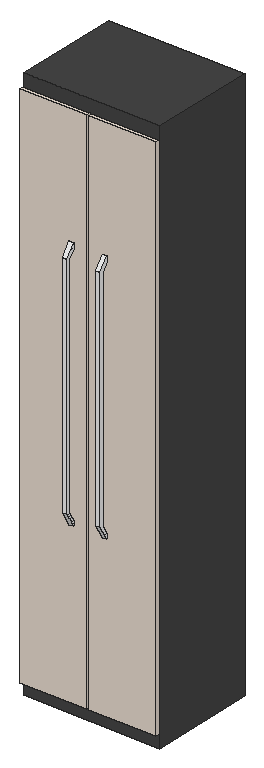
Revit family
Parameters (values of type "59A_현관_신발장")
  현관-신발장 = 몸통
  폭 [instance] = 575 mm
  신발장-손잡이 = 신발장-손잡이
  문짝 [instance] = 문짝
  높이 [instance] = 2400 mm
  깊이 [instance] = 450 mm
  Assembly Code = ""
Reference planes
  plane 1 "Center (Front/Back)": y = 0
  plane 2: z = 0
  plane 3 "Center (Left/Right)": x = 0
  plane 4 "left": x = -287.5
  plane 5 "right": x = 287.5
  plane 6 "front": y = -225
  plane 7 "back": y = 225
  plane 8 "top": z = 2400
Forms (mm)
  Extrusion 1, solid, material "몸통" <- "현관-신발장"
    sketch origin (0, 0, 0) x (1, 0, 0) y (0, 1, 0)
      loop
        line (-287.5, 225) -> (-287.5, -225) -> (287.5, -225) -> (287.5, 225) -> (-287.5, 225)
    from 0 to 2360
  Extrusion 2, solid, material "문짝" <- "문짝"
    sketch origin (0, -225, 0) x (-1, 0, 0) y (0, 0, 1)
      loop
        line (287.5, 2305.132) -> (5, 2305.132) -> (5, 55.132) -> (287.5, 55.132) -> (287.5, 2305.132)
      loop
        line (-287.5, 2305.132) -> (-287.5, 55.132) -> (-5, 55.132) -> (-5, 2305.132) -> (-287.5, 2305.132)
    from -17.805 to 0
  Extrusion 3, solid, material "신발장-손잡이" <- "신발장-손잡이"
    sketch origin (0, 0, 0) x (0, 1, 0) y (0, 0, 1)
      loop
        line (-242.805, 1780) -> (-242.805, 1803.102) -> (-277.805, 1753.117) -> (-277.805, 788.117) -> (-242.805, 727.495) -> (-242.805, 747.495) -> (-265.748, 787.234) -> (-265.748, 1747.234) -> (-242.805, 1780)
    from 61.694 to 79.644
  Extrusion 4, solid, material "신발장-손잡이" <- "신발장-손잡이"
    sketch origin (0, 0, 0) x (0, 1, 0) y (0, 0, -1)
      loop
        line (-242.805, -1780) -> (-265.748, -1747.234) -> (-265.748, -787.234) -> (-242.805, -747.495) -> (-242.805, -727.495) -> (-277.805, -788.117) -> (-277.805, -1753.117) -> (-242.805, -1803.102) -> (-242.805, -1780)
    from 61.694 to 79.644
Dimensions and locks
  "깊이": plane 6 "front" to plane 7 "back"
  equal spacing: plane 6 "front", plane 1 "Center (Front/Back)", plane 7 "back"
  "높이": plane 8 "top" to level
  "폭": plane 4 "left" to plane 5 "right"
  equal spacing: plane 4 "left", plane 3 "Center (Left/Right)", plane 5 "right"
  locked: Extrusion 1 to Extrusion 2 sketch curve at 54.868
  locked: Extrusion 2 sketch curve to Extrusion 1 at 55.132
  equal spacing: Extrusion 2 sketch curve, plane 3 "Center (Left/Right)", Extrusion 2 sketch curve
  locked: Extrusion 4 to Extrusion 4 at 17.949
  locked: Extrusion 3 to Extrusion 3 at 17.949
  equal spacing: Extrusion 3, plane 3 "Center (Left/Right)", Extrusion 4
  Extrusion 2 to Extrusion 1 = 282.5 mm
  aligned and locked: plane 4 "left" to Extrusion 1 sketch curve
  aligned and locked: plane 7 "back" to Extrusion 1 sketch curve
  aligned and locked: plane 6 "front" to Extrusion 1 sketch curve
  aligned and locked: Extrusion 1 sketch curve to plane 5 "right"
  aligned and locked: plane 6 "front" to Extrusion 2
  aligned and locked: Extrusion 3 to Extrusion 2  (x2)
  aligned: plane 8 "top" to Extrusion 1
Automatic sketch dimensions
  Extrusion 2 sketch curve to plane 5 "right" = 0 mm
  Extrusion 2 sketch curve to plane 4 "left" = 0 mm
  plane 3 "Center (Left/Right)" to Extrusion 2 sketch curve = 5 mm
  Extrusion 2 sketch curve to Extrusion 2 sketch curve = 0 mm  (x2)
  Extrusion 3 sketch curve to plane 6 "front" = 52.805 mm
  Extrusion 3 sketch curve to Extrusion 3 sketch curve = 12.057 mm
  Extrusion 3 sketch curve to plane 6 "front" = 17.805 mm  (x2)
  level to Extrusion 3 sketch curve = 727.495 mm
  Extrusion 3 sketch curve to Extrusion 3 sketch curve = 20 mm
  Extrusion 3 sketch curve to Extrusion 3 sketch curve = 39.739 mm
  Extrusion 3 sketch curve to Extrusion 3 sketch curve = 0.883 mm
  Extrusion 3 sketch curve to plane 8 "top" = 652.766 mm
  Extrusion 3 sketch curve to Extrusion 3 sketch curve = 5.883 mm
  Extrusion 3 sketch curve to Extrusion 3 sketch curve = 32.766 mm
  Extrusion 3 sketch curve to Extrusion 3 sketch curve = 23.102 mm
  Extrusion 4 sketch curve to plane 6 "front" = 52.805 mm
  Extrusion 4 sketch curve to Extrusion 4 sketch curve = 12.057 mm
  Extrusion 4 sketch curve to plane 6 "front" = 17.805 mm  (x2)
  Extrusion 4 sketch curve to plane 8 "top" = 596.898 mm
  Extrusion 4 sketch curve to Extrusion 4 sketch curve = 23.102 mm
  Extrusion 4 sketch curve to Extrusion 4 sketch curve = 26.883 mm
  Extrusion 4 sketch curve to Extrusion 4 sketch curve = 5.883 mm
  level to Extrusion 4 sketch curve = 788.117 mm
  Extrusion 4 sketch curve to Extrusion 4 sketch curve = 0.883 mm
  Extrusion 4 sketch curve to Extrusion 4 sketch curve = 39.739 mm
  Extrusion 4 sketch curve to Extrusion 4 sketch curve = 20 mm
